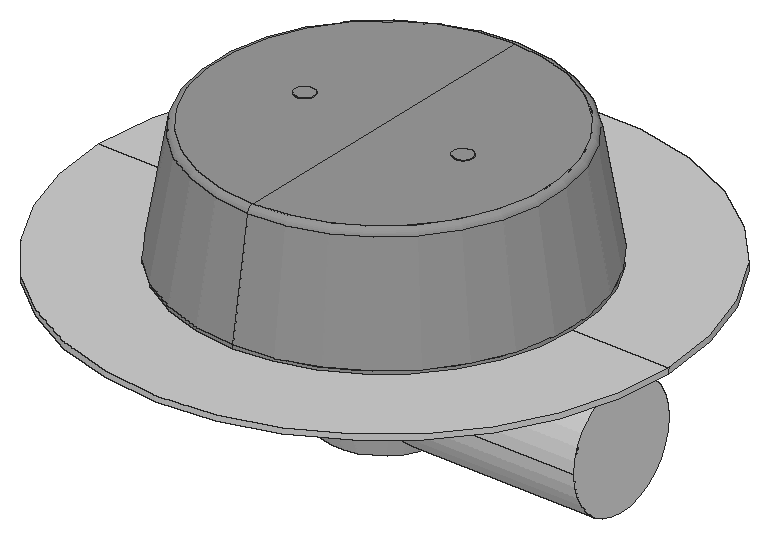
Revit family "HL_RU_Roof drain_HL64PPower-B-221103", category Instalační zařizovací předměty, Revit 2021
Family settings
  Kóta kulaté spojky = Použít průměr
  Typ dílu = Normální
  Číslo OmniClass = 23.70.50.21.24.14
  Nadpis OmniClass = Deck Waste Water Drains
  Založené na pracovní rovině = Ne
  Vždy vertikální = Ano
  Ořezat dutým tvarem při načtení = Ne
  Sdílené = Ne
  Bod výpočtu místnosti = Ano
Parameters
  РЕШЁТКА = "Laubfangkorb d 262 mm"
  РАЗМЕР = "DN75"
  ПРОПУСКНАЯ СПОСОБНОСТЬ [instance] = 0.0 L/s
  ПРАВОВАЯ ИНФОРМАЦИЯ = ""
  НОМИНАЛЬНЫЙ ДИАМЕТР = 75 mm
  МАТЕРИАЛ = "PP/PVC"
  ВЫСОТА МОНТАЖА = "93 mm"
  ВЕС = "2,92 [kg]"
  Výchozí výška = 0 mm
  Výrobce = "HL Hutterer & Lechner GmbH"  # constant formula
  URL = " "
  Материал плитка [instance] = none
  Přípoj ventilace = no
  Přípoj odpadních dílů = yes
  Přípoj HW = no
  Přípoj CW = no
  Description = " "
  Model = " "
  Assembly Code = " "
  Type Comments = "HL64PPower Safety roof drain \"Power\" DN75 with PVC collar,"
  Keynote = " "
  EAN = "9003076040810"
  Bысота монтажа [instance] = 0 mm
  G [instance] = 90.00°  # constant formula
  D [instance] = 150 mm  # constant formula
  C [instance] = if(Bысота монтажа - 68 mm < 0 mm, 0 mm, Bысота монтажа - 68 mm)  # 0 mm
  B [instance] = Bысота монтажа + 55 mm  # 55 mm
  A [instance] = if(B - 100 mm > 15 mm, B - 100 mm, 15 mm)  # 15 mm
Types (2, lengths in mm): name | ПРАВОВАЯ ИНФОРМАЦИЯ | URL | Description | Model | Type Comments | Keynote
  (no name) | "" | " " | " " | " " | "HL64PPower Safety roof drain \"Power\" DN75 with PVC collar," | " "
  HL_Кровельная воронка_HL64PPower | "Авторские права(©), права на дизайн или какие либо другие права интелектуальной собственности являются исключительной собственностью компании HL Hutterer & Lechner. Изменению не подлежит. Файл семейства с данными о прозводителе изделия защищен паролем с водяным знаком." | "http://www.hutterer-lechner.com/ru/products/catalog/roof-drains/HL64PPower.aspx" | "Кровельные воронки" | "HL64PPower" | "HL64PPower Воронка для водостока с отсекателем воздуха, с корпусом из ПВХ DN75," | "HL64PPower"
Reference planes
  plane 1 "Center (Front/Back)": y = 0
  plane 2: z = 0
  plane 3 "Center (Left/Right)": x = 0
  plane 4: z = -55
  plane 5: z = 0
Lines and regions (mm)
  model lines, style "InvisibleLines"
    curve 1: line (0, 0, 0) -> (0, 0, 20)
  model lines, style "PlumbingFixtures", detail levels coarse+medium
    curve 2: line (0, 0, -55) -> (0, 0, -40)
    curve 3: line (0, 0, -40) -> (-40, 0, 0)
    curve 4: line (0, 0, -40) -> (40, 0, 0)
    curve 6: line (0, 0, -55) -> (150, 0, -55)
  reference lines, not visible
    curve 5: line (0, 0, -55) -> (150, 0, -55)
  symbolic lines, style "PlumbingFixtures", detail levels coarse+medium
    curve 7: line (-75, 75, 0) -> (75, 75, 0)
    curve 8: line (-75, -75, 0) -> (-75, 75, 0)
    curve 9: line (75, -75, 0) -> (-75, -75, 0)
    curve 10: line (75, 75, 0) -> (75, -75, 0)
    curve 11: line (-75, 75, 0) -> (-145.711, 145.711, 0)
    curve 12: line (75, 75, 0) -> (145.711, 145.711, 0)
    curve 13: line (-75, -75, 0) -> (-145.711, -145.711, 0)
    curve 14: line (75, -75, 0) -> (145.711, -145.711, 0)
  symbolic lines, style "PlumbingFixtures", not visible, detail levels coarse+medium
    curve 15: line (-75, 75, 0) -> (75, 75, 0)
    curve 16: line (-75, -75, 0) -> (-75, 75, 0)
    curve 17: line (75, -75, 0) -> (-75, -75, 0)
    curve 18: line (75, 75, 0) -> (75, -75, 0)
    curve 19: line (-75, 75, 0) -> (-145.711, 145.711, 0)
    curve 20: line (75, 75, 0) -> (145.711, 145.711, 0)
    curve 21: line (-75, -75, 0) -> (-145.711, -145.711, 0)
    curve 22: line (75, -75, 0) -> (145.711, -145.711, 0)
Text (mm)
  text "FLOOR" at (-162.344, 0, -10.979), in view "Drain Construction View"
Dimensions and locks
  "B": plane 2 to plane 4
  "Bысота монтажа": plane 2 to plane 5
  "A": curve 4 to plane 4
  "D": curve 5 to curve 5
  "D": curve 6 to curve 6
  locked: curve 4 to plane 3 "Center (Left/Right)" (angle 45.00°)
  locked: plane 3 "Center (Left/Right)" to curve 3 (angle 45.00°)
  "G": angle curve 5 to plane 3 "Center (Left/Right)"
  aligned and locked: level to plane 2
  aligned and locked: plane 2 to curve 4
  aligned and locked: plane 2 to curve 3
  aligned and locked: plane 4 to curve 5
  aligned and locked: plane 3 "Center (Left/Right)" to curve 5
  aligned and locked: plane 4 to curve 2
  aligned and locked: plane 3 "Center (Left/Right)" to curve 6
  aligned and locked: plane 4 to curve 6
  aligned and locked: nested 1 to plane 5
  aligned and locked: plane 3 "Center (Left/Right)" to nested 1
  aligned and locked: plane 2 to nested 2
  aligned and locked: plane 3 "Center (Left/Right)" to nested 2
Automatic sketch dimensions
  curve 2 to plane 3 "Center (Left/Right)" = 0 mm
  curve 1 to plane 3 "Center (Left/Right)" = 0 mm
  curve 1 to level = 0 mm
  level to curve 1 = 20 mm
Nested families
  nested 1: "HL_кровельные воронки - корпус_HL64PPower" at (0, 0, 0), type "HL_кровельные воронки - корпус_HL64PPower"
  nested 2: "HL_Вспомогательные материалы-Противопожарная защита_HL062.1EPower" at (0, 0, 2), type "HL_Вспомогательные материалы-Противопожарная защита_HL062.1EPower"
Connectors
  piping at (150, 0, -55), diameter 75, driven by "ПРОПУСКНАЯ СПОСОБНОСТЬ", driven by "НОМИНАЛЬНЫЙ ДИАМЕТР"
    settings: on curve 5, index 1, connector inside diameter 609.6 mm, connector length 0 mm, flow factor 0, pipe flow 0.0 L/s, pressure drop 0.0 Pa, fitting loss kfactor 0, connector angle 0.00°, fixture units 0, engagement length 0 mm, angle of deflection 0.00°, flow configuration 1, flow direction 2, fitting loss method 0, system type 16, joint type 0, gender type 0, connector reference index -1, connector utility 0, adjustable connector yes, is connector primary yes, connector description ""
Definition of nested family "HL_кровельные воронки - корпус_HL64PPower"
  Parameters (values of type "HL_кровельные воронки - корпус_HL64PPower")
    НОМИНАЛЬНЫЙ ДИАМЕТР = 50 mm
    Default Elevation = 0 mm
    Manufacturer = ""
    URL = ""
    Description = ""
    Model = ""
    Type Comments = ""
    Cost = 0
  Reference planes
    plane 1 "Střed (vpředu/vzadu)": y = 0
    plane 2: z = 0
    plane 3 "Střed (vlevo/vpravo)": x = 0
  Forms (mm)
    Revolve 1, solid, detail levels fine
      sketch origin (0, 0, 0) x (1, 0, 0) y (0, 0, 1)
        loop
          line (-78.9, 0) -> (-180, 0) -> (-180, -3.5) -> (-84, -3.5) -> (-84, -35) -> (-67.159, -35) -> (-36.586, -92.5) -> (0, -92.5) -> (0, -31.5) -> (-78.9, -31.5) -> (-78.9, 0)
        axis (0, -92.5) -> (0, 0)
      angle from 0 to 360
    Extrusion 2, solid, detail levels fine
      sketch origin (0, 0, 0) x (0, 1, 0) y (0, 0, 1)
        loop
          circle (0, -55) r 37.5
      from 0 to 150
    Revolve 3, void
      sketch origin (0, 0, 0) x (1, 0, 0) y (0, 0, 1)
        loop
          line (0, 0) -> (-78.9, 0) -> (-78.9, -6) -> (-66.99, -6) -> (-59, -13.99) -> (-59, -31.5) -> (0, -31.5) -> (0, 0)
        axis (0, -31.5) -> (0, 0)
      angle from 0 to 360
  Cuts and joins
    Revolve 3 cuts Revolve 1
    Revolve 3 cuts Extrusion 2
  Dimensions and locks
    aligned and locked: level to plane 2
Definition of nested family "HL_Вспомогательные материалы-Противопожарная защита_HL062.1EPower"
  Parameters (values of type "HL_Вспомогательные материалы-Противопожарная защита_HL062.1EPower")
    РЕШЁТКА = "Laubfangkorb d 262 mm"
    ПРАВОВАЯ ИНФОРМАЦИЯ = "Авторские права(©), права на дизайн или какие либо другие права интелектуальной собственности являются исключительной собственностью компании HL Hutterer & Lechner. Изменению не подлежит. Файл семейства с данными о прозводителе изделия защищен паролем с водяным знаком."
    МАТЕРИАЛ = "PP"
    ВЕС = "0,715 [kg]"
    Default Elevation = 0 mm
    Manufacturer = "HL Hutterer & Lechner GmbH"
    URL = "http://www.hutterer-lechner.com/ru/products/catalog/roof-drains/HL062.1EPower.aspx"
    Материал плитка = none
    Description = "Кровельные воронки"
    Model = "HL062.1EPower"
    Type Comments = "HL062.1EPower, Листвоуловитель"
    Keynote = "HL062.1EPower"
    Пропускная способность [instance] = 0.0 L/s
    EAN = "9003076040490"
    Cost = 0
  Values of the unnamed type that differ from the named types
    ПРАВОВАЯ ИНФОРМАЦИЯ = ""
    Manufacturer = ""
    URL = ""
    Description = ""
    Model = ""
    Type Comments = "HL062.1EPower, Leaf catcher"
    Keynote = ""
  Reference planes
    plane 1 "Střed (vpředu/vzadu)": y = 0
    plane 2: z = 0
    plane 3 "Střed (vlevo/vpravo)": x = 0
  Forms (mm)
    Revolve 1, solid, detail levels fine
      sketch origin (0, 0, 0) x (0, 1, 0) y (0, 0, 1)
        loop
          line (70.495, -8.5) -> (70.495, -2.5) -> (66.996, -2.5) -> (66.996, -8.508) -> (58.998, -16.506) -> (58.998, -38.5) -> (61.176, -38.5) -> (62.518, -33.49) -> (62.518, -26) -> (77.157, -26) -> (77.157, -22.019)
          arc (77.157, -22.019) -> (80.011, -17.502) -> (77.157, -12.985) r 5.001
          line (77.157, -12.985) -> (77.157, -8.5) -> (70.495, -8.5)
        axis (0, -2.5) -> (0, -38.5)
      angle from 0 to 360
    Revolve 2, solid, detail levels fine
      sketch origin (0, 0, 0) x (0, 1, 0) y (0, 0, 1)
        loop
          arc (107.472, 69.093) -> (105.997, 71.78) -> (103.186, 73) r 4.733
          line (103.186, 73) -> (0, 73) -> (0, 70.25) -> (98.402, 70.25) -> (109.718, 0) -> (109.718, -2) -> (119.5, -2) -> (119.5, 0) -> (107.472, 69.093)
        axis (0, 73) -> (0, -2)
      angle from 0 to 360
    Revolve 3, solid, detail levels fine
      sketch origin (0, 0, 0) x (0, 1, 0) y (0, 0, 1)
        loop
          line (99, 18.5) -> (80.936, 18.5) -> (80.936, 24.5) -> (76.436, 24.5) -> (76.436, 18.5) -> (69.236, 18.5) -> (69.236, 24.5) -> (64.737, 24.5) -> (64.737, 18.5) -> (0, 18.5) -> (0, 13.5) -> (85.938, 13.5) -> (99, 17.04) -> (99, 18.5)
        axis (0, 24.5) -> (0, 13.5)
      angle from 0 to 360
    Extrusion 4, solid, detail levels fine
      sketch origin (0, 0, 18.5) x (0, 1, 0) y (-1, 0, 0)
        loop
          circle (0, 49.989) r 5.75
      from -40 to 38
    Extrusion 5, solid, detail levels fine
      sketch origin (0, 0, 56.5) x (0, 1, 0) y (-1, 0, 0)
        loop
          circle (0, 49.998) r 6.003
      from 0 to 16.5
    Extrusion 6, solid, detail levels fine
      sketch origin (0, 0, 18.5) x (0, 1, 0) y (-1, 0, 0)
        loop
          circle (0, -49.989) r 5.75
      from -40 to 38
    Extrusion 7, solid, detail levels fine
      sketch origin (0, 0, 56.5) x (0, 1, 0) y (-1, 0, 0)
        loop
          circle (0, -49.998) r 6.003
      from 0 to 16.5
    Extrusion 8, solid, detail levels fine
      sketch origin (0, 0, 18.5) x (0, 1, 0) y (-1, 0, 0)
        loop
          circle (62.504, 62.501) r 2.997
      from 0 to 44.5
    Extrusion 9, solid, detail levels fine
      sketch origin (0, -125, 18.5) x (0, 1, 0) y (-1, 0, 0)
        loop
          circle (62.504, 62.501) r 2.997
      from 0 to 44.5
    Extrusion 10, solid, detail levels fine
      sketch origin (125, -125, 18.5) x (0, 1, 0) y (-1, 0, 0)
        loop
          circle (62.504, 62.501) r 2.997
      from 0 to 44.5
    Extrusion 11, solid, detail levels fine
      sketch origin (125, 0, 18.5) x (0, 1, 0) y (-1, 0, 0)
        loop
          circle (62.504, 62.501) r 2.997
      from 0 to 44.5
    Extrusion 12, solid, detail levels fine
      sketch origin (0, 0, 0) x (0, 1, 0) y (0, 0, 1)
        loop
          line (77.009, 13.5) -> (39, 13.5) -> (47.949, -2) -> (77.009, -2) -> (77.009, 13.5)
        loop
          line (-77.009, 13.5) -> (-77.009, -2) -> (-47.949, -2) -> (-39, 13.5) -> (-77.009, 13.5)
      from -2.8 to 2.8
    Extrusion 13, solid, detail levels fine
      sketch origin (0, 0, 0) x (1, 0, 0) y (0, 0, 1)
        loop
          line (-77.026, -2) -> (-55.066, -2) -> (-55.066, 13.5) -> (-77.026, 13.5) -> (-77.026, -2)
        loop
          line (77.026, -2) -> (77.026, 13.5) -> (55.066, 13.5) -> (55.066, -2) -> (77.026, -2)
      from -2.8 to 2.8
  Dimensions and locks
    aligned and locked: level to plane 2
